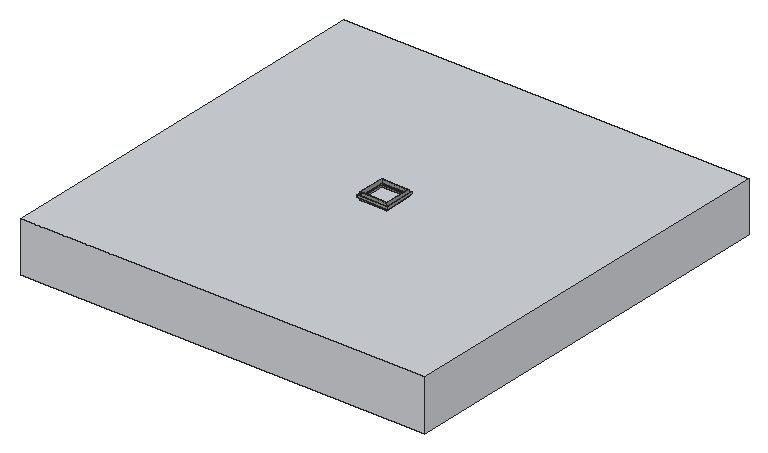
Revit family "LAMP_PUZZLE TR FRAME", category Modelos genéricos, Revit 2015
Parameters (values of type "TYPE 1 BLACK")
  Weight = 0.274 kg
  Recessed dimensions = "174 x 174"
  Product datasheet = "http://www.lamp.es/product-files/TECH/PUTRFR1B-EN.pdf"
  Product code = "PUTRFR1B"
  Modelo = Product code  # "PUTRFR1B"
  Model explanation = "Availability of changing between standard frame Types when placed in a project."  # constant formula
  Material marco = LAMP_Aluminio frame Puzzle BL
  Manufacturer name = "LAMP"
  Manufacturer country = "Spain"
  Manufacturer URL = "http://www.lamp.es/en"
  Last update = "25/07/2018"
  Installation instructions = "http://www.lamp.es/product-files/INS/1000620-L-INSTR.%20LUMINARIA%20PUZZLE%20PARA%20PROYECCI%C3%93N.pdf"
  Finish = "Shiny black"
  Fabricante = Manufacturer name  # "LAMP"
  Default Elevation = 1219.2 mm
  Dist. B Exterior = 186 mm
  Dist. A Exterior = 186 mm
  Dimensions = "186 x 186"
  Descripción = "PUZZLE ACC. HIDDEN FRAME Nº1 BK."
  Comentarios de tipo = Model explanation  # "Availability of changing between standard frame Types when placed in a project."
  Accessory Type = "Assembly"
Types (14, lengths in mm): name | Weight | Recessed dimensions | Product datasheet | Product code | Modelo | Material marco | Finish | Dist. B Exterior | Dist. A Exterior | Dimensions | Descripción
  TYPE 1 BLACK | 0.274 kg | "174 x 174" | "http://www.lamp.es/product-files/TECH/PUTRFR1B-EN.pdf" | "PUTRFR1B" | "PUTRFR1B" | LAMP_Aluminio frame Puzzle BL | "Shiny black" | 186 | 186 | "186 x 186" | "PUZZLE ACC. HIDDEN FRAME Nº1 BK."
  TYPE 1 WHITE | 0.274 kg | "174 x 174" | "http://www.lamp.es/product-files/TECH/PUTRFR1W-EN.pdf" | "PUTRFR1W" | "PUTRFR1W" | LAMP_Aluminio frame Puzzle WH | "Shiny white" | 186 | 186 | "186 x 186" | "PUZZLE ACC. HIDDEN FRAME Nº1 WH."
  TYPE 2 BLACK | 0.458 kg | "332 x 178" | "http://www.lamp.es/product-files/TECH/PUTRFR2B-EN.pdf" | "PUTRFR2B" | "PUTRFR2B" | LAMP_Aluminio frame Puzzle BL | "Shiny black" | 190 | 344 | "344 x 190" | "PUZZLE ACC. HIDDEN FRAME Nº2 BK."
  TYPE 2 WHITE | 0.448 kg | "332 x 178" | "http://www.lamp.es/product-files/TECH/PUTRFR2W-EN.pdf" | "PUTRFR2W" | "PUTRFR2W" | LAMP_Aluminio frame Puzzle WH | "Shiny white" | 190 | 344 | "344 x 190" | "PUZZLE ACC. HIDDEN FRAME Nº2 WH."
  TYPE 3 BLACK | 0.576 kg | "482 x 178" | "http://www.lamp.es/product-files/TECH/PUTRFR3B-EN.pdf" | "PUTRFR3B" | "PUTRFR3B" | LAMP_Aluminio frame Puzzle BL | "Shiny black" | 190 | 494 | "494 x 190" | "PUZZLE ACC. HIDDEN FRAME Nº3 BK."
  TYPE 3 WHITE | 0.699 kg | "482 x 178" | "http://www.lamp.es/product-files/TECH/PUTRFR3W-EN.pdf" | "PUTRFR3W" | "PUTRFR3W" | LAMP_Aluminio frame Puzzle WH | "Shiny white" | 190 | 494 | "494 x 190" | "PUZZLE ACC. HIDDEN FRAME Nº3 WH."
  TYPE 4 BLACK | 0.598 kg | "642 x 178" | "http://www.lamp.es/product-files/TECH/PUTRFR4B-EN.pdf" | "PUTRFR4B" | "PUTRFR4B" | LAMP_Aluminio frame Puzzle BL | "Shiny black" | 190 | 654 | "654 x 190" | "PUZZLE ACC. HIDDEN FRAME Nº4 BK."
  TYPE 4 WHITE | 0.936 kg | "642 x 178" | "http://www.lamp.es/product-files/TECH/PUTRFR4W-EN.pdf" | "PUTRFR4W" | "PUTRFR4W" | LAMP_Aluminio frame Puzzle WH | "Shiny white" | 190 | 654 | "654 x 190" | "PUZZLE ACC. HIDDEN FRAME Nº4 WH."
  TYPE 5 BLACK | 0.944 kg | "974 x 178" | "http://www.lamp.es/product-files/TECH/PUTRFR5B-EN.pdf" | "PUTRFR5B" | "PUTRFR5B" | LAMP_Aluminio frame Puzzle BL | "Shiny black" | 190 | 959 | "959 x 190" | "PUZZLE ACC. HIDDEN FRAME Nº5 BK."
  TYPE 5 WHITE | 0.94 kg | "974 x 178" | "http://www.lamp.es/product-files/TECH/PUTRFR5W-EN.pdf" | "PUTRFR5W" | "PUTRFR5W" | LAMP_Aluminio frame Puzzle WH | "Shiny white" | 190 | 959 | "959 x 190" | "PUZZLE ACC. HIDDEN FRAME Nº5 WH."
  TYPE 6 BLACK | 1.166 kg | "1252 x 178" | "http://www.lamp.es/product-files/TECH/PUTRFR6B-EN.pdf" | "PUTRFR6B" | "PUTRFR6B" | LAMP_Aluminio frame Puzzle BL | "Shiny black" | 190 | 1264 | "1264 x 190" | "PUZZLE ACC. HIDDEN FRAME Nº6 BK."
  TYPE 6 WHITE | 1.182 kg | "1252 x 178" | "http://www.lamp.es/product-files/TECH/PUTRFR6W-EN.pdf" | "PUTRFR6W" | "PUTRFR6W" | LAMP_Aluminio frame Puzzle WH | "Shiny white" | 190 | 1264 | "1264 x 190" | "PUZZLE ACC. HIDDEN FRAME Nº6 WH."
  TYPE 9 BLACK | 0.576 kg | "332 x 332" | "http://www.lamp.es/product-files/TECH/PUTRFR9B-EN.pdf" | "PUTRFR9B" | "PUTRFR9B" | LAMP_Aluminio frame Puzzle BL | "Shiny black" | 344 | 344 | "344 x 344" | "PUZZLE ACC. HIDDEN FRAME Nº9 BK."
  TYPE 9 WHITE | 0.604 kg | "332 x 332" | "http://www.lamp.es/product-files/TECH/PUTRFR9W-EN.pdf" | "PUTRFR9W" | "PUTRFR9W" | LAMP_Aluminio frame Puzzle WH | "Shiny white" | 344 | 344 | "344 x 344" | "PUZZLE ACC. HIDDEN FRAME Nº9 WH."
Reference planes
  plane 1 "Centro (Frontal/Posterior)": y = 0
  plane 2: z = 0
  plane 3 "Centro (Izquierda/Derecha)": x = 0
Forms (mm)
  Extrusion 1, solid
    sketch origin (0, 0, 0) x (1, 0, 0) y (0, 1, 0)
      loop
        line (-1219.2, 1219.2) -> (-1219.2, -1219.2) -> (1219.2, -1219.2) -> (1219.2, 1219.2) -> (-1219.2, 1219.2)
    from 0 to -304.8
  Sweep 2, solid, material "LAMP_Aluminio frame Puzzle BL" <- "Material marco"
    path origin (0, 0, 0) x (1, 0, 0) y (0, 1, 0)
      loop
        line (-93, -93) -> (93, -93) -> (93, 93) -> (-93, 93) -> (-93, -93)
    profile origin (0, -93, 0) x (0, 1, 0) y (0, 0, 1)
      loop
        line (0, 15.1) -> (4.8, 15.1) -> (4.8, 16.4) -> (1.3, 16.4) -> (1.3, 20) -> (12.2, 20) -> (12.2, 0) -> (13.5, 0) -> (13.5, 22.1) -> (23.5, 22.1) -> (23.5, 23.4) -> (13.5, 23.4) -> (13.5, 41.8) -> (12.2, 41.8) -> (12.2, 21.8) -> (1.3, 21.8) -> (1.3, 25.4) -> (4.8, 25.4) -> (4.8, 26.7) -> (0, 26.7) -> (0, 15.1)
Text (mm)
  text "Any modification of the parameters and properties of the LAMP BIM models must be executed and validated by the LAMP technical department.\n\nPhone: +34 93 736 68 00\n\nE-mail: lamp@lamp.es\n\n\n\nLAMP reserves the right to modify the technical specifications of its products." at (-19083.546, 16669.23, -7693.448), in view "Preview"
Dimensions and locks
  equal spacing: Sweep 2 sketch curve, plane 3 "Centro (Izquierda/Derecha)", Sweep 2 sketch curve
  "Dist. A Exterior": Sweep 2 sketch curve to Sweep 2 sketch curve
  equal spacing: Sweep 2 sketch curve, plane 1 "Centro (Frontal/Posterior)", Sweep 2 sketch curve
  "Dist. B Exterior": Sweep 2 sketch curve to Sweep 2 sketch curve
  aligned and locked: plane 2 to Extrusion 1
  aligned and locked: level to Extrusion 1
Automatic sketch dimensions
  Extrusion 1 sketch curve to Extrusion 1 sketch curve = 2438.4 mm  (x2)
  level to Sweep 2 sketch curve = 15.1 mm
  Sweep 2 sketch curve to profile plane = 0 mm
  Sweep 2 sketch curve to profile plane = 1.3 mm  (x2)
  level to Sweep 2 sketch curve = 16.4 mm
  Sweep 2 sketch curve to Sweep 2 sketch curve = 3.5 mm  (x2)
  Sweep 2 sketch curve to Sweep 2 sketch curve = 7.4 mm
  Sweep 2 sketch curve to Sweep 2 sketch curve = 0 mm
  Sweep 2 sketch curve to Sweep 2 sketch curve = 1.3 mm  (x4)
  Sweep 2 sketch curve to Sweep 2 sketch curve = 10 mm
  Sweep 2 sketch curve to level = 0 mm
  level to Sweep 2 sketch curve = 20 mm
  Sweep 2 sketch curve to Sweep 2 sketch curve = 1.8 mm
  Sweep 2 sketch curve to Sweep 2 sketch curve = 0.3 mm
  Sweep 2 sketch curve to Sweep 2 sketch curve = 3.6 mm
  Sweep 2 sketch curve to Sweep 2 sketch curve = 15.1 mm
